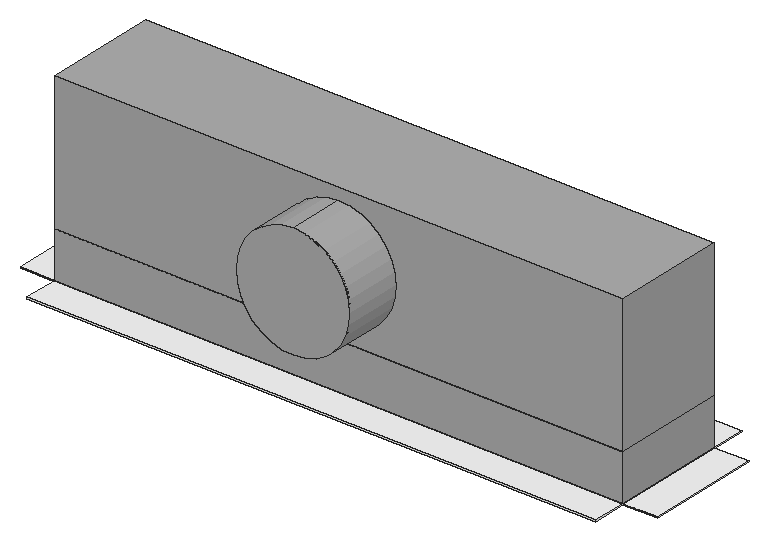
Revit family "Профи с адаптером (1 Подключение) Вытяжка", category Арматура воздуховодов, Revit 2022
Family settings
  Размер круглого соединителя = Использовать диаметр
  Тип детали = Вставляется
  На основе рабочей плоскости = Нет
  Всегда вертикально = Да
  При загрузке вырезать с полостями = Нет
  Общий = Нет
Parameters (values of type "Профи с адаптером")
  Ширина щели решетки [instance] = 10 mm
  Ширина решетки [instance] = 100 mm
  УГО приток = no
  УГО вытяжка = yes
  Скорость воздуха [instance] = ADSK_Расход воздуха / Площадь сечения решетки  # 0.0 m/s
  Площадь сечения решетки [instance] = Длина решетки * Ширина решетки - ((Длина решетки - 2 * Ширина щели решетки) * (Ширина решетки - 2 * Ширина щели решетки))  # 0.0116 m²
  Патрубок не по центру [instance] = no
  Патрубки_Сверху [instance] = no
  Отступ патрубка [instance] = 400 mm
  ОтстПат [instance] = if(Патрубок не по центру, if(Отступ патрубка > (Длина решетки - 10 mm - Патрубки_Диаметр / 2), (Длина решетки - 10 mm - Патрубки_Диаметр / 2), if(Отступ патрубка < (10 mm + Патрубки_Диаметр / 2), (10 mm + Патрубки_Диаметр / 2), Отступ патрубка)), Длина решетки / 2)  # 250 mm
  Отступ губ [instance] = if(Г_обр адаптер, 0 mm, (ADSK_Размер_Ширина - Ширина решетки) / 2)  # 0 mm
  Отметка по умолчанию = 0 mm
  Наименование решетки [instance] = "Вентиляционная решетка SCHIBERG ПРОФИ"  # constant formula
  Метка [instance] = ""
  Материал КСД = ADSK_Сталь оцинкованная
  Марка решетки [instance] = size_lookup("Мини", "M", "НЕ НАЙДЕН ТИПОРАЗМЕР", ADSK_Размер_Длина, Ширина решетки, Ширина щели решетки)  # "500x100-10"
  Количество патрубков [instance] = 1  # constant formula
  КСД_Угол [instance] = if(Патрубки_Сверху, 100.00°, 10.00°)  # 10.00°
  Патрубки_Длина = 50 mm
  КСД_Отступ [instance] = if(Патрубки_Сверху, 0.5 * ADSK_Размер_Высота, ADSK_Размер_Ширина / 2)  # 50 mm
  Патрубки_Диаметр [instance] = 100 mm
  Длина решетки [instance] = 500 mm
  Г_обр адаптер [instance] = no
  H [instance] = Высота губ + 2 mm  # 42 mm
  Высота губ [instance] = 40 mm
  ADSK_Расход воздуха [instance] = 0 m³/h
  ADSK_Размер_Ширина [instance] = if(Патрубки_Сверху, if(Патрубки_Диаметр = 75 mm, if(Патрубки_Диаметр + 25 mm > Ширина решетки, Патрубки_Диаметр + 25 mm, Ширина решетки), if(Патрубки_Диаметр = 90 mm, if(Патрубки_Диаметр + 30 mm > Ширина решетки, Патрубки_Диаметр + 30 mm, Ширина решетки), if(Патрубки_Диаметр + 20 mm > Ширина решетки, Патрубки_Диаметр + 20 mm, Ширина решетки))), Ширина решетки)  # 100 mm
  ADSK_Размер_Длина [instance] = Длина решетки  # 500 mm
  ADSK_Размер_Высота [instance] = if(Патрубки_Диаметр = 75 mm, Патрубки_Диаметр + 25 mm, if(Патрубки_Диаметр = 90 mm, Патрубки_Диаметр + 30 mm, Патрубки_Диаметр + 20 mm))  # 120 mm
  ADSK_Примечание [instance] = if(Высота губ = 40 mm, "", "Не типовая высота губ")  # ""
  ADSK_Потеря давления воздуха [instance] = 0.0 Pa
  ADSK_Позиция_Сортировка [instance] = 0
  ADSK_Позиция_Комплект [instance] = 0
  ADSK_Наименование краткое = "Адаптер с решеткой SCHIBERG"  # constant formula
  ADSK_Наименование [instance] = if(ADSK_Размер_Ширина = Ширина решетки, "Адаптер П-образный под решетку SCHIBERG", if(Г_обр адаптер, "Адаптер Г-образный под решетку SCHIBERG", "Адаптер Т-образный под решетку SCHIBERG"))  # "Адаптер П-образный под решетку SCHIBERG"
  ADSK_Материал = RGB_RAL 9003 (Белый сигнальный)
  ADSK_Марка [instance] = size_lookup("КСД для прямоугольных", "", "НЕ НАЙДЕН ТИПОРАЗМЕР", ADSK_Размер_Длина, Ширина решетки, Количество патрубков, Патрубки_Диаметр, КСД_Угол)  # "500х100 (сверху 1х100)"
  ADSK_Количество = 1  # constant formula
  ADSK_Код изделия = ""
  ADSK_Завод-изготовитель = "SCHIBERG"  # constant formula
  ADSK_Единица измерения = "шт."  # constant formula
  ADSK_Группирование [instance] = ""
  75+ [instance] = not([75])  # yes
  75 [instance] = or(Патрубки_Диаметр = 75 mm, Патрубки_Диаметр = 90 mm)  # no
Reference planes
  plane 1 "По центру (Вперед/Назад)": y = 0
  plane 2: z = 0
  plane 3 "По центру (Влево/Вправо)": x = 0
  plane 4: z = 42
  plane 5: y = 50
  plane 6: y = -50
  plane 7: x = -250
  plane 8: x = 250
  plane 9: z = 162
  plane 10: y = -50
  plane 11 "Патрубки": z = 102
  plane 12: x = 0
  plane 13: y = 50
  plane 14: y = 0
  plane 15: x = 0
Forms (mm)
  Extrusion 1, solid, material "ADSK_Сталь оцинкованная" <- "Материал КСД", detail levels medium+fine
    sketch origin (0, 0, 0) x (0, 1, 0) y (0, 0, 1)
      loop
        line (50, 42) -> (-50, 42) -> (-50, 1) -> (50, 1) -> (50, 42)
    from -250 to 250
  Extrusion 2, solid, material "ADSK_Сталь оцинкованная" <- "Материал КСД", detail levels medium+fine
    sketch origin (0, 0, 0) x (0, 1, 0) y (0, 0, 1)
      loop
        line (50, 162) -> (-50, 162) -> (-50, 42) -> (50, 42) -> (50, 162)
    from -250 to 250
Lines and regions (mm)
  symbolic lines, detail levels coarse+medium
    curve 1: line (-250, -50, 0) -> (-250, 108.5, 0)
    curve 2: line (250, -50, 0) -> (-250, -50, 0)
    curve 3: line (250, 108.5, 0) -> (250, -50, 0)
  model lines, visible <- "УГО приток"
    curve 4: line (-200, 0, -69.985) -> (200, 0, -69.985)
    curve 5: line (-200, 0, -69.985) -> (0, 0, -185.455)
    curve 6: line (0, 0, -185.455) -> (200, 0, -69.985)
  model lines, visible <- "УГО вытяжка"
    curve 7: line (-200, 0, -185.455) -> (200, 0, -185.455)
    curve 8: line (0, 0, -69.985) -> (200, 0, -185.455)
    curve 9: line (0, 0, -69.985) -> (-200, 0, -185.455)
Dimensions and locks
  "H": plane 4 to level
  "Ширина решетки": plane 5 to plane 6
  equal spacing: plane 7, plane 3 "По центру (Влево/Вправо)", plane 8
  "ADSK_Размер_Длина": plane 7 to plane 8
  "ADSK_Размер_Высота": plane 9 to plane 4
  equal spacing: plane 9, plane 11 "Патрубки", plane 4
  "ADSK_Размер_Ширина": plane 13 to plane 10
  equal spacing: curve 4, plane 3 "По центру (Влево/Вправо)", curve 4
  locked: curve 4 to curve 4 at 400
  equal spacing: plane 13, plane 1 "По центру (Вперед/Назад)", plane 10
  "Отступ губ": plane 13 to plane 5
  locked: plane 2 to curve 4 at 69.985
  locked: level to curve 7 at 185.455
  equal spacing: curve 8, plane 3 "По центру (Влево/Вправо)", curve 9
  equal spacing: plane 5, plane 14, plane 6
  "ОтстПат": plane 7 to plane 15
  locked: curve 4 to curve 6 (angle 30.00°)
  locked: curve 5 to curve 4 (angle 30.00°)
  locked: curve 7 to curve 9 (angle 30.00°)
  locked: curve 8 to curve 7 (angle 30.00°)
  aligned and locked: level to plane 2
  aligned and locked: plane 4 to Extrusion 1 sketch curve
  aligned and locked: Extrusion 1 sketch curve to plane 5
  aligned and locked: Extrusion 1 sketch curve to plane 6
  aligned and locked: Extrusion 1 to plane 7
  aligned and locked: plane 8 to Extrusion 1
  aligned and locked: plane 10 to Extrusion 2 sketch curve
  aligned and locked: Extrusion 2 sketch curve to plane 9
  aligned and locked: Extrusion 2 sketch curve to plane 4
  aligned and locked: plane 8 to Extrusion 2
  aligned and locked: Extrusion 2 to plane 7
  aligned and locked: plane 11 "Патрубки" to nested 1
  aligned and locked: plane 7 to curve 1
  aligned and locked: curve 3 to plane 8
  aligned and locked: plane 10 to curve 2
  aligned and locked: Extrusion 2 to plane 13
  aligned and locked: plane 1 "По центру (Вперед/Назад)" to nested 1
  aligned and locked: plane 3 "По центру (Влево/Вправо)" to nested 2
  aligned and locked: nested 2 to level
  aligned and locked: nested 2 to plane 14
  aligned and locked: nested 1 to plane 15
Automatic sketch dimensions
  Extrusion 1 sketch curve to plane 6 = 0 mm
  Extrusion 2 sketch curve to plane 5 = 0 mm
  level to Extrusion 1 sketch curve = 1 mm
  curve 3 to plane 5 = 58.5 mm
  curve 1 to plane 5 = 58.5 mm
Nested families
  nested 1: "Патрубки" at (0, 0, 102) x (0, -1, 0) z (0, 0, 1), ADSK_Материал <- "Материал КСД", D <- "Патрубки_Диаметр", L <- "Патрубки_Длина", S <- "КСД_Отступ", Угол <- "КСД_Угол", Видимость 1 <- "75+", Видимость 2 <- "75", type "Патрубки"
    with Угол 10.00°, Видимость 2 no, Видимость 1 yes, S 50 mm, L 50 mm, D 100 mm, ADSK_Материал ADSK_Сталь оцинкованная, ADSK_Количество 1
  nested 2: "Прямоугольная решетка" at (0, 0, 0) x (1, 0, 0) z (0, -1, 0), ADSK_Расход воздуха <- "ADSK_Расход воздуха", Скорость воздуха <- "Скорость воздуха", ADSK_Марка <- "Марка решетки", ADSK_Наименование <- "Наименование решетки", ADSK_Размер_Длина <- "Длина решетки", ADSK_Размер_Ширина <- "Ширина решетки", Ширина щели <- "Ширина щели решетки", Материал отделки <- "ADSK_Материал", ADSK_Обозначение <- "Метка", type "Решетка Schiberg"
    with Ширина щели 10 mm, Скорость воздуха 0.0 m/s, Материал отделки RGB_RAL 9003 (Белый сигнальный), ADSK_Расход воздуха 0 m³/h, ADSK_Размер_Ширина 100 mm, ADSK_Размер_Длина 500 mm, ADSK_Позиция "", ADSK_Обозначение "", ADSK_Наименование краткое "", ADSK_Наименование "Вентиляционная решетка SCHIBERG ПРОФИ", ADSK_Марка "500x100-10"
Connectors
  hvac at (0, -100, 102), driven by "Патрубки_Диаметр", driven by "ADSK_Расход воздуха", driven by "ADSK_Потеря давления воздуха"
    settings: on nested 1, index 1, duct flow 0 m³/h, flow factor 0, pres drop 0.0 Pa, loss coef 0, conn angle 0.00°, conn width 304.8 mm, conn height 304.8 mm, conn diameter 100 mm, duct sys type 3, conn prof type 0, flow config 1, flow direction 2, loss method 0, conn ref index -1, conn util no, is conn primary yes, conn desc ""
Definition of nested family "Патрубки"
  Parameters (values of type "Патрубки")
    Угол [instance] = 30.00°
    Default Elevation = 0 mm
    Видимость 2 [instance] = no
    Видимость 1 [instance] = yes
    S [instance] = 70 mm
    L [instance] = 50 mm
    D [instance] = 100 mm
    ADSK_Наименование = "Врезка в адаптер"
    ADSK_Материал [instance] = none
    ADSK_Количество [instance] = if(Видимость 1, 1, 0)  # 1
    ADSK_Единица измерения = "шт."  # constant formula
  Reference planes
    plane 1 "По центру (Вперед/Назад)": y = 0
    plane 2: z = 0
    plane 3 "По центру (Влево/Вправо)": x = 0
  Forms (mm)
    Sweep 1, solid, material <- "ADSK_Материал", visible <- "Видимость 1"
      path in 3D
        loop
          line (65.778, 0, 23.941) -> (112.763, 0, 41.042)
      profile origin (89.271, 0, 32.492) x (-0.34202, 0, 0.939693) y (0, -1, 0)
        loop
          circle (0, 0) r 50
  Lines and regions (mm)
    reference lines
      curve 1: line (0, 0, 0) -> (14.772, 0, -2.605)
      curve 2: line (0, 0, 0) -> (65.778, 0, 23.941)
      curve 3: line (65.778, 0, 23.941) -> (112.763, 0, 41.042)
    sketch lines
      curve 4: line (65.778, 0, 23.941) -> (112.763, 0, 41.042)
    model lines, detail levels coarse
      curve 5: line (0, 0, 0) -> (65.778, 0, 23.941)
      curve 6: line (65.778, 0, 23.941) -> (112.763, 0, 41.042)
  Dimensions and locks
    "S": curve 2 to curve 2
    "L": curve 3 to curve 3
    "S": curve 5 to curve 5
    "L": curve 6 to curve 6
    "D": diameter of Sweep 1 sketch curve
    locked: curve 1 to level (angle 10.00°)
    "Угол": angle curve 1 to curve 2
    "Угол": angle curve 1 to curve 3
    "Угол": angle curve 1 to curve 5
    "Угол": angle curve 1 to curve 6
    "Угол": angle curve 1 to nested 1
    aligned and locked: level to plane 2
    aligned and locked: plane 3 "По центру (Влево/Вправо)" to curve 1
    aligned and locked: level to curve 1
    aligned and locked: plane 3 "По центру (Влево/Вправо)" to curve 2
    aligned and locked: level to curve 2
    aligned and locked: plane 3 "По центру (Влево/Вправо)" to curve 5
    aligned and locked: level to curve 5
    aligned and locked: nested 1 to Sweep 1
  Automatic sketch dimensions
    Sweep 1 sketch curve to profile plane = 0 mm
    profile plane to Sweep 1 sketch curve = 0 mm
  Nested families
    nested 1: "Фланец DN75" at (54.032, 0, 19.666) x (0, 1, 0) z (0.342, 0, -0.9397), visible <- "Видимость 2", Типоразмер <- "D", type "Default 2"
      with Типоразмер 100 mm, Длина 75 mm, Двн врезки 35 mm, r3 100 mm, r2 40 mm, r1 35 mm, D90 no, D75 no, ADSK_Техническая характеристика "Ø75", ADSK_Марка "", ADSK_Количество 1, ADSK_Код изделия "", ADSK_Единица измерения "шт."
  Definition of nested family "Фланец DN75"
    Parameters (values of type "Фланец")
      б = 3.5 mm  # constant formula
      Толщина стенки = 1 mm  # constant formula
      Типоразмер [instance] = 75 mm
      Default Elevation = 0 mm
      Длина [instance] = 75 mm  # constant formula
      Двн врезки [instance] = if(D90, 45 mm, 35 mm)  # 35 mm
      Глубина врезки = 13.5 mm  # constant formula
      r3 [instance] = 100 mm  # constant formula
      r2 [instance] = Двн врезки + 5 mm  # 40 mm
      r1 [instance] = Двн врезки  # 35 mm
      D90 [instance] = if(Типоразмер = 90 mm, 1 = 1, 1 = 0)  # no
      D75 [instance] = if(Типоразмер = 75 mm, 1 = 1, 1 = 0)  # yes
      ADSK_Техническая характеристика [instance] = if(D90, "Ø90", "Ø75")  # "Ø75"
      ADSK_Наименование = "Фланец"  # constant formula
      ADSK_Марка [instance] = ""
      ADSK_Количество [instance] = 1  # constant formula
      ADSK_Код изделия [instance] = ""
      ADSK_Завод-изготовитель = "SCHIBERG"  # constant formula
      ADSK_Единица измерения [instance] = "шт."  # constant formula
    Reference planes
      plane 1 "По центру (Вперед/Назад)": y = 0
      plane 2: z = 0
      plane 3 "По центру (Влево/Вправо)": x = 0
      plane 4: x = -35
      plane 5: x = -38.5
      plane 6: y = -75
      plane 7: y = -13.5
    Forms (mm)
      Extrusion 1, solid
        sketch origin (0, 0, 0) x (1, 0, 0) y (0, 1, 0)
          loop
            line (1.764, -7.5) -> (24.182, -7.5)
            arc (24.182, -7.5) -> (24.76, -7.26) -> (25, -6.682) r 0.818
            line (25, -6.682) -> (25, -4.498)
            arc (25, -4.498) -> (24.923, -4.111) -> (24.704, -3.783) r 1.012
            line (24.704, -3.783) -> (21.251, -0.33)
            arc (21.251, -0.33) -> (20.885, -0.086) -> (20.454, 0) r 1.127
            line (20.454, 0) -> (-14.395, 0)
            arc (-14.395, 0) -> (-14.797, -0.08) -> (-15.139, -0.308) r 1.052
            line (-15.139, -0.308) -> (-24.68, -9.849)
            arc (-24.68, -9.849) -> (-24.917, -10.204) -> (-25, -10.623) r 1.094
            line (-25, -10.623) -> (-25, -12.137) -> (-22.993, -12.137) -> (-22.993, -11.028) -> (-2.639, -11.028)
            arc (-2.639, -11.028) -> (-2.23, -10.947) -> (-1.884, -10.715) r 1.068
            line (-1.884, -10.715) -> (1.026, -7.806)
            arc (1.026, -7.806) -> (1.365, -7.58) -> (1.764, -7.5) r 1.045
        from 20 to 70
      Extrusion 2, solid
        sketch origin (0, 0, 0) x (-0.5, 0, -0.866025) y (0, 1, 0)
          loop
            line (1.764, -7.5) -> (24.182, -7.5)
            arc (24.182, -7.5) -> (24.76, -7.26) -> (25, -6.682) r 0.818
            line (25, -6.682) -> (25, -4.498)
            arc (25, -4.498) -> (24.923, -4.111) -> (24.704, -3.783) r 1.012
            line (24.704, -3.783) -> (21.251, -0.33)
            arc (21.251, -0.33) -> (20.885, -0.086) -> (20.454, 0) r 1.127
            line (20.454, 0) -> (-14.395, 0)
            arc (-14.395, 0) -> (-14.797, -0.08) -> (-15.139, -0.308) r 1.052
            line (-15.139, -0.308) -> (-24.68, -9.849)
            arc (-24.68, -9.849) -> (-24.917, -10.204) -> (-25, -10.623) r 1.094
            line (-25, -10.623) -> (-25, -12.137) -> (-22.993, -12.137) -> (-22.993, -11.028) -> (-2.639, -11.028)
            arc (-2.639, -11.028) -> (-2.23, -10.947) -> (-1.884, -10.715) r 1.068
            line (-1.884, -10.715) -> (1.026, -7.806)
            arc (1.026, -7.806) -> (1.365, -7.58) -> (1.764, -7.5) r 1.045
        from 20 to 70
      Extrusion 3, solid
        sketch origin (0, 0, 0) x (-0.5, 0, 0.866025) y (0, 1, 0)
          loop
            line (1.764, -7.5) -> (24.182, -7.5)
            arc (24.182, -7.5) -> (24.76, -7.26) -> (25, -6.682) r 0.818
            line (25, -6.682) -> (25, -4.498)
            arc (25, -4.498) -> (24.923, -4.111) -> (24.704, -3.783) r 1.012
            line (24.704, -3.783) -> (21.251, -0.33)
            arc (21.251, -0.33) -> (20.885, -0.086) -> (20.454, 0) r 1.127
            line (20.454, 0) -> (-14.395, 0)
            arc (-14.395, 0) -> (-14.797, -0.08) -> (-15.139, -0.308) r 1.052
            line (-15.139, -0.308) -> (-24.68, -9.849)
            arc (-24.68, -9.849) -> (-24.917, -10.204) -> (-25, -10.623) r 1.094
            line (-25, -10.623) -> (-25, -12.137) -> (-22.993, -12.137) -> (-22.993, -11.028) -> (-2.639, -11.028)
            arc (-2.639, -11.028) -> (-2.23, -10.947) -> (-1.884, -10.715) r 1.068
            line (-1.884, -10.715) -> (1.026, -7.806)
            arc (1.026, -7.806) -> (1.365, -7.58) -> (1.764, -7.5) r 1.045
        from 20 to 70
      Extrusion 4, void
        sketch origin (0, 0, 0) x (1, 0, 0) y (0, 0, 1)
          loop
            circle (0, 0) r 35
        from 0 to 15
      Extrusion 5, void
        sketch origin (0, 0, 0) x (1, 0, 0) y (0, 0, 1)
          loop
            circle (0, 0) r 100
          loop
            circle (0, 0) r 40
        from 0 to 13
      Revolve 6, solid
        sketch origin (0, 0, 0) x (1, 0, 0) y (0, 1, 0)
          loop
            line (-44.5, -13.5) -> (-36, -13.5) -> (-36, -12.5) -> (-39.036, -9.464) -> (-39.743, -10.172) -> (-37.414, -12.5) -> (-44.5, -12.5) -> (-44.5, -13.5)
          axis (0, -9.464) -> (0, -13.5)
        angle from 0 to 360
      Revolve 7, solid
        sketch origin (0, 0, 0) x (1, 0, 0) y (0, 1, 0)
          loop
            line (-35, 0) -> (-36, 0) -> (-36, -13.5) -> (-44.225, -13.5) -> (-44.225, -14.5) -> (-39.5, -14.5) -> (-39.5, -57.532)
            arc (-39.5, -57.532) -> (-39.675, -60.208) -> (-40.199, -62.839) r 20.506
            line (-40.199, -62.839) -> (-43.457, -75) -> (-42.422, -75) -> (-39.319, -63.42)
            arc (-39.319, -63.42) -> (-38.706, -60.336) -> (-38.5, -57.198) r 24.042
            line (-38.5, -57.198) -> (-38.5, -14.5) -> (-35, -14.5) -> (-35, 0)
          axis (0, 0) -> (0, -75)
        angle from 0 to 360
    Cuts and joins
      Extrusion 4, Extrusion 5 cuts Extrusion 1
      Extrusion 4, Extrusion 5 cuts Extrusion 2
      Extrusion 4, Extrusion 5 cuts Extrusion 3
    Dimensions and locks
      "Двн врезки": plane 4 to plane 3 "По центру (Влево/Вправо)"
      "б": plane 5 to plane 4
      "Длина": plane 6 to plane 1 "По центру (Вперед/Назад)"
      "Глубина врезки": plane 7 to plane 1 "По центру (Вперед/Назад)"
      "Толщина стенки": Revolve 7 sketch curve to plane 4
      "Толщина стенки": plane 7 to Revolve 7 sketch curve
      "Толщина стенки": Revolve 7 sketch curve to plane 5
      "Толщина стенки": Revolve 7 sketch curve to Revolve 7 sketch curve
      "Толщина стенки": Revolve 6 sketch curve to plane 7
      "Толщина стенки": Revolve 6 sketch curve to plane 4
      locked: Revolve 6 sketch curve to plane 4 at 9.5
      "Толщина стенки": Revolve 6 sketch curve to Revolve 6 sketch curve  (x2)
      locked: Revolve 6 sketch curve to Revolve 6 sketch curve at 5
      "r1": radius of Extrusion 4 sketch curve
      "r2": radius of Extrusion 5 sketch curve
      "r3": radius of Extrusion 5 sketch curve
      locked: Revolve 7 sketch curve to plane 5 (angle 15.00°)
      locked: plane 4 to Revolve 6 sketch curve (angle 45.00°)
      aligned and locked: level to plane 2
      aligned and locked: Revolve 7 sketch curve to plane 4
      aligned and locked: Revolve 7 sketch curve to plane 5
      aligned and locked: Revolve 7 sketch curve to plane 1 "По центру (Вперед/Назад)"
      aligned and locked: plane 7 to Revolve 7 sketch curve
      aligned and locked: Revolve 7 sketch curve to plane 3 "По центру (Влево/Вправо)"
      aligned and locked: Revolve 7 sketch curve to plane 6
      aligned and locked: Revolve 6 sketch curve to plane 7
      aligned and locked: plane 3 "По центру (Влево/Вправо)" to Extrusion 4 sketch curve
      aligned and locked: plane 2 to Extrusion 4 sketch curve
      aligned and locked: plane 3 "По центру (Влево/Вправо)" to Extrusion 5 sketch curve  (x2)
      aligned and locked: plane 2 to Extrusion 5 sketch curve  (x2)
    Automatic sketch dimensions
      Revolve 6 sketch curve to plane 3 "По центру (Влево/Вправо)" = 0 mm
      Revolve 6 sketch curve to plane 6 = 1925 mm
      Revolve 6 sketch curve to plane 1 "По центру (Вперед/Назад)" = 2000 mm
      Revolve 7 sketch curve to plane 5 = 1.699 mm
      Revolve 7 sketch curve to Revolve 7 sketch curve = 2.223 mm
      Revolve 7 sketch curve to Revolve 7 sketch curve = 4.725 mm
      plane 6 to Revolve 7 sketch curve = 17.468 mm
      Revolve 7 sketch curve to Revolve 7 sketch curve = 2.536 mm
      Revolve 7 sketch curve to plane 5 = 0.819 mm
      Revolve 7 sketch curve to plane 7 = 1 mm
      plane 6 to Revolve 7 sketch curve = 24.441 mm
      Revolve 7 sketch curve to plane 1 "По центру (Вперед/Назад)" = 19.441 mm
Definition of nested family "Прямоугольная решетка"
  Parameters (values of type "Решетка Schiberg")
    Ширина щели [instance] = 10 mm
    Толщина листа = 1 mm
    Скорость воздуха [instance] = 1.02881 m/s
    Default Elevation = 0 mm
    Материал отделки [instance] = none
    ADSK_Расход воздуха [instance] = 80 m³/h
    ADSK_Размер_Ширина [instance] = 55 mm
    ADSK_Размер_Длина [instance] = 1000 mm
    ADSK_Примечание = ""
    ADSK_Позиция [instance] = ""
    ADSK_Обозначение [instance] = ""
    ADSK_Наименование краткое [instance] = ""
    ADSK_Наименование [instance] = "Вентиляционная решётка SCHIBERG ПРОФИ"
    ADSK_Марка [instance] = "350X100-10"
    ADSK_Количество = 1  # constant formula
    ADSK_Завод-изготовитель = "SCHIBERG"  # constant formula
    ADSK_Единица измерения = "шт."  # constant formula
  Reference planes
    plane 1 "По центру (Вперед/Назад)": y = 0
    plane 2: z = 0
    plane 3 "По центру (Влево/Вправо)": x = 0
    plane 4: z = -27.5
    plane 5: z = 27.5
    plane 6: z = 57.5
    plane 7: z = -57.5
    plane 8: z = -17.5
    plane 9: z = 17.5
    plane 10: x = -500
    plane 11: x = 500
    plane 12: x = 530
    plane 13: x = -530
    plane 14: x = -490
    plane 15: x = 490
    plane 16: y = 1
    plane 17: y = -1
  Forms (mm)
    Extrusion 1, solid, material <- "Материал отделки", detail levels medium+fine
      sketch origin (0, 0, 0) x (1, 0, 0) y (0, 0, 1)
        loop
          line (-490, 17.5) -> (-490, -17.5) -> (490, -17.5) -> (490, 17.5) -> (-490, 17.5)
      from -1 to 0
    Extrusion 2, solid, material <- "Материал отделки", detail levels medium+fine
      sketch origin (0, 0, 0) x (1, 0, 0) y (0, 0, 1)
        loop
          line (-500, 27.5) -> (500, 27.5) -> (500, 57.5) -> (-500, 57.5) -> (-500, 27.5)
      from 0 to -1
    Extrusion 3, solid, material <- "Материал отделки", detail levels medium+fine
      sketch origin (-100, 0, 0) x (0, 0, 1) y (-1, 0, 0)
        loop
          line (-27.5, 400) -> (27.5, 400) -> (27.5, 430) -> (-27.5, 430) -> (-27.5, 400)
      from 0 to -1
    Extrusion 4, solid, material <- "Материал отделки", detail levels medium+fine
      sketch origin (100, 0, 0) x (0, 0, 1) y (-1, 0, 0)
        loop
          line (-27.5, -400) -> (-27.5, -430) -> (27.5, -430) -> (27.5, -400) -> (-27.5, -400)
      from 0 to -1
    Extrusion 5, solid, material <- "Материал отделки", detail levels medium+fine
      sketch origin (0, 0, 0) x (1, 0, 0) y (0, 0, 1)
        loop
          line (-500, -27.5) -> (-500, -57.5) -> (500, -57.5) -> (500, -27.5) -> (-500, -27.5)
      from 0 to -1
    Extrusion 6, solid, detail levels medium+fine
      sketch origin (0, 0, 0) x (1, 0, 0) y (0, 0, 1)
        loop
          line (-490, 17.5) -> (-490, -17.5) -> (490, -17.5) -> (490, 17.5) -> (-490, 17.5)
        loop
          line (-500, 27.5) -> (-500, -27.5) -> (500, -27.5) -> (500, 27.5) -> (-500, 27.5)
      from 0 to -1
  Lines and regions (mm)
    model lines, detail levels coarse
      curve 1: line (-530, 0, 0) -> (530, 0, 0)
  Dimensions and locks
    equal spacing: plane 9, level, plane 8
    equal spacing: plane 5, level, plane 4
    "ADSK_Размер_Ширина": plane 5 to plane 4
    equal spacing: plane 6, level, plane 7
    locked: plane 6 to plane 5 at 30
    equal spacing: plane 15, plane 3 "По центру (Влево/Вправо)", plane 14
    equal spacing: plane 11, plane 3 "По центру (Влево/Вправо)", plane 10
    equal spacing: plane 12, plane 3 "По центру (Влево/Вправо)", plane 13
    locked: plane 10 to plane 13 at 30
    "ADSK_Размер_Длина": plane 11 to plane 10
    plane 12 to plane 11 = 30 mm
    "Ширина щели": plane 14 to plane 10
    "Ширина щели": plane 5 to plane 9
    aligned and locked: level to plane 2
    aligned and locked: plane 1 "По центру (Вперед/Назад)" to Extrusion 1
    aligned and locked: plane 9 to Extrusion 1
    aligned and locked: Extrusion 1 to plane 14
    aligned and locked: plane 15 to Extrusion 1
    aligned and locked: Extrusion 1 to plane 8
    aligned and locked: Extrusion 2 to plane 5
    aligned and locked: plane 6 to Extrusion 2
    aligned and locked: Extrusion 3 to plane 13
    aligned and locked: plane 10 to Extrusion 3
    aligned and locked: Extrusion 3 sketch curve to plane 4
    aligned and locked: plane 5 to Extrusion 3 sketch curve
    aligned and locked: plane 11 to Extrusion 2 sketch curve
    aligned and locked: plane 6 to Extrusion 2 sketch curve
    aligned and locked: Extrusion 2 sketch curve to plane 5
    aligned and locked: Extrusion 2 sketch curve to plane 10
    aligned and locked: Extrusion 4 sketch curve to plane 12
    aligned and locked: Extrusion 4 sketch curve to plane 5
    aligned and locked: plane 4 to Extrusion 4 sketch curve
    aligned and locked: plane 11 to Extrusion 4 sketch curve
    aligned and locked: plane 10 to Extrusion 5 sketch curve
    aligned and locked: Extrusion 5 sketch curve to plane 4
    aligned and locked: plane 7 to Extrusion 5 sketch curve
    aligned and locked: Extrusion 5 sketch curve to plane 11
    aligned and locked: plane 16 to Extrusion 3
    aligned and locked: Extrusion 2 to plane 16
    aligned and locked: Extrusion 5 to plane 16
    aligned and locked: Extrusion 4 to plane 16
    aligned and locked: Extrusion 6 sketch curve to plane 14
    aligned and locked: Extrusion 6 sketch curve to plane 9
    aligned and locked: Extrusion 6 sketch curve to plane 15
    aligned and locked: Extrusion 6 sketch curve to plane 8
    aligned and locked: Extrusion 6 sketch curve to plane 10
    aligned and locked: plane 5 to Extrusion 6 sketch curve
    aligned and locked: Extrusion 6 sketch curve to plane 11
    aligned and locked: Extrusion 6 sketch curve to plane 4
    aligned and locked: plane 1 "По центру (Вперед/Назад)" to Extrusion 2
    aligned and locked: plane 13 to curve 1
    aligned and locked: plane 1 "По центру (Вперед/Назад)" to curve 1
  Automatic sketch dimensions
    Extrusion 1 sketch curve to plane 8 = 0 mm
    Extrusion 1 sketch curve to plane 14 = 0 mm
    Extrusion 1 sketch curve to plane 15 = 0 mm
    Extrusion 1 sketch curve to plane 9 = 0 mm
    Extrusion 3 sketch curve to plane 10 = 0 mm
    Extrusion 3 sketch curve to plane 13 = 0 mm
    curve 1 to plane 12 = 0 mm
